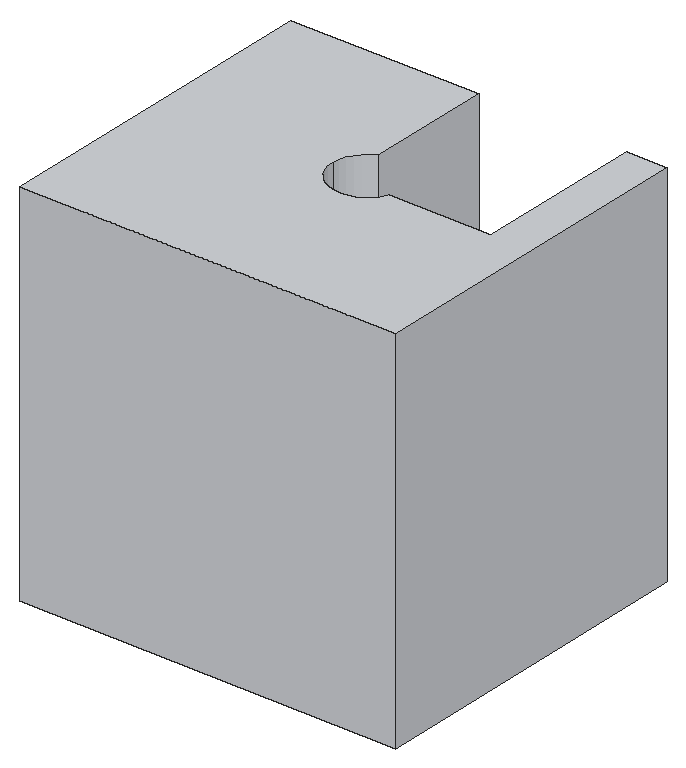
Revit family "基坑土体", category 场地, Revit 2016
Family settings
  零件类型 = 标准
  圆形连接件大小 = 使用直径
  基于工作平面 = 否
  总是垂直 = 是
  加载时剪切的空心 = 否
  共享 = 否
Reference planes
  plane 1 "中心(前/后)": y = 0
  plane 2: z = 0
  plane 3 "中心(左/右)": x = 0
Forms (mm)
  Extrusion 1, solid
    sketch origin (0, 0, 0) x (1, 0, 0) y (0, 1, 0)
      loop
        line (-7644.298, 6900) -> (-7644.298, -6900) -> (7644.298, -6900) -> (7644.298, 6900) -> (-7644.298, 6900)
    from -14879.638 to 250
  Extrusion 2, void
    sketch origin (0, 0, 0) x (1, 0, 0) y (0, 1, 0)
      loop
        line (6018.149, 6900) -> (0, 6900) -> (0, 0) -> (6018.149, 0) -> (6018.149, 6900)
    from -5541.374 to 250
  Extrusion 3, void
    sketch origin (6331.462, 3874.483, 0) x (1, 0, 0) y (0, 1, 0)
      loop
        circle (-5780.947, -3358.913) r 1400
    from -6787.523 to 250
Cuts and joins
  Extrusion 2, Extrusion 3 cuts Extrusion 1
Dimensions and locks
  equal spacing: Extrusion 1 sketch curve, plane 3 "中心(左/右)", Extrusion 1 sketch curve
  equal spacing: Extrusion 1 sketch curve, plane 1 "中心(前/后)", Extrusion 1 sketch curve
  Extrusion 2 to plane 3 "中心(左/右)" = 6018.149 mm
  aligned and locked: level to plane 2
